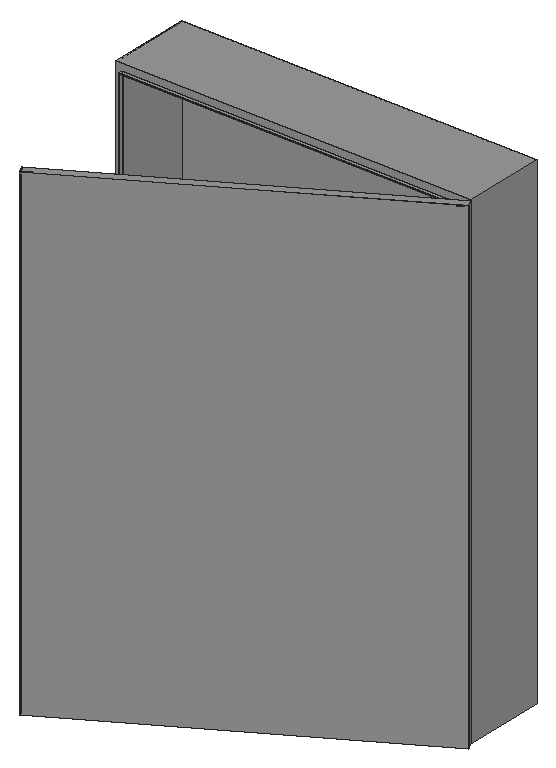
Revit family "Hager-Univers-IP44-D205-H1100-Cl.II-Encl-NoHosted-BE-en", category Equipement électrique, Revit 2020
Family settings
  Configuration du panneau = Deux colonnes, circuits au sein
  Cote de connecteur circulaire = Utiliser le diamètre
  Type d'élément = Tableau de raccordement
  Basée sur le plan de construction = Oui
  Toujours verticalement = Oui
  Couper avec des vides une fois chargée = Non
  Partagée = Non
  Point de calcul de pièce = Non
Parameters (values of type "Surface mounted (plaster) IP44 W800 H1100 D205  - FP73QS")
  Width Control [instance] = if([EF000008 - Width] > Min Width, [EF000008 - Width], Min Width)  # 800 mm
  Commentaires du type = [HG000003 - Range]  # "Univers"
  Thickness Door [instance] = if([EF009171 - Material plate thickness door/cover] > 3 mm, 3 mm, [EF009171 - Material plate thickness door/cover])  # 1 mm
  Seal Frame Offset [instance] = 17 mm  # constant formula
  Plinth Visibility [instance] = [HG000027 - Plinth height] > 0 mm  # no
  Min Width [instance] = 100 mm  # constant formula
  Min Depth [instance] = (2 * [EF009170 - Material plate thickness cabinet]) + 1 mm  # 3 mm
  Min Height [instance] = 100 mm  # constant formula
  Internal Frame Depth [instance] = (Door System Depth * 0.5)  # 9 mm
  Panel Name [instance] = ""  # (empty or 0)
  Model = ""
  HG000027 - Plinth height = 0 mm
  HG000026 - Floor standing = no
  HG000024 - Bottom section height = 600 mm
  HG000023 - Double section enclosure = no
  HG000016 - Door 3d visibility [instance] = yes
  HG000015 - Clearance visibility [instance] = no
  HG000014 - Door on the right [instance] = yes
  HG000013 - Door on the left [instance] = not([HG000014 - Door on the right])  # no
  HG000012 - Door swing angle [instance] = 30.00°
  HG000010 - Asymmetric doors = no
  HG000009 - Double swing door = no
  HG000006 - Flush mounted = no
  HG000004 - Manufacturer reference = "FP73QS"
  HG000003 - Range = "Univers"
  HG000002 - With door or cover = yes
  Frame Offset Bottom [instance] = 10 mm  # constant formula
  Frame Offset [instance] = 15 mm  # constant formula
  EF015940 - Cover with overpressure release = no
  EF011959 - Degree of protection (NEMA) = ""
  EF009554 - Number of openings for flange plates = 6
  EF009212 - Cover model = "EV000116 - Closed"
  EF009171 - Material plate thickness door/cover = 1 mm
  EF009170 - Material plate thickness cabinet = 1 mm
  EF008873 - Nominal current (In) = 250 A
  EF007800 - Suitable for lightning protection = no
  EF006306 - With lock = no
  EF006244 - Transparent cover/door = no
  EF005474 - Degree of protection (IP) = "EV006418 - IP44"
  EF004464 - Type of door = "EV002646 - Single"
  EF004427 - Number of modules = 252
  EF004293 - Impact strength = "EV006815 - IK09"
  EF003532 - Suitable for outdoor use = no
  EF002950 - Width in number of modular spacings = 36
  EF001613 - Circuit integrity = "EV000494 - None"
  EF001596 - Material housing = "EV000179 - Steel"
  EF001131 - Internal depth = 143 mm
  EF001088 - Extension possible = yes
  EF000437 - Number of conduit inlets = 6
  EF000339 - Type of cover = "EV001012 - Cover"
  EF000266 - Number of rows = 7
  EF000218 - Built-in depth = 0 mm
  EF000118 - With mounting plate = no
  EF000116 - RAL-number = "9010"
  EF000049 - Depth = 205 mm
  EF000040 - Height = 1100 mm
  EF000008 - Width = 800 mm
  EF000007 - Colour = "EV000202 - White"
  EF000003 - Mounting method = "EV000384 - Surface mounted (plaster)"
  Door System Leaf Tolerance [instance] = 1.5 mm  # constant formula
  Door System Depth [instance] = 18 mm  # constant formula
  Door Height [instance] = Height Control - [HG000027 - Plinth height]  # 1100 mm
  Description = ""
  Default Elevation = 1219.2 mm
  Connector Offset [instance] = Height Control / 2  # 550 mm
  Fabricant = "Hager"  # constant formula
  Height Control [instance] = if([EF000040 - Height] > Min Height, [EF000040 - Height], Min Height)  # 1100 mm
  Depth Control [instance] = if([EF000049 - Depth] > Min Depth, [EF000049 - Depth], Min Depth)  # 205 mm
  Bottom Top Plate Trim [instance] = 1.5 mm  # constant formula
  Plinth height Ctrl [instance] = if([HG000027 - Plinth height] > 0 mm, [HG000027 - Plinth height], 12 mm)  # 12 mm
Types (5, lengths in mm): name | Width Control | HG000009 - Double swing door | HG000004 - Manufacturer reference | EF009554 - Number of openings for flange plates | EF004464 - Type of door | EF004427 - Number of modules | EF002950 - Width in number of modular spacings | EF000437 - Number of conduit inlets | EF000008 - Width
  Surface mounted (plaster) IP44 W1050 H1100 D205  - FP74QS | 1050 | yes | "FP74QS" | 8 | "EV003602 - Double" | 336 | 48 | 8 | 1050
  Surface mounted (plaster) IP44 W1300 H1100 D205  - FP75QS | 1300 | yes | "FP75QS" | 10 | "EV003602 - Double" | 420 | 60 | 10 | 1300
  Surface mounted (plaster) IP44 W300 H1100 D205  - FP71QS | 300 | no | "FP71QS" | 2 | "EV002646 - Single" | 84 | 12 | 2 | 300
  Surface mounted (plaster) IP44 W550 H1100 D205  - FP72QS | 550 | no | "FP72QS" | 4 | "EV002646 - Single" | 168 | 24 | 4 | 550
  Surface mounted (plaster) IP44 W800 H1100 D205  - FP73QS | 800 | no | "FP73QS" | 6 | "EV002646 - Single" | 252 | 36 | 6 | 800
Reference planes
  plane 1 "Center (Front/Back)": y = 0
  plane 2: z = 0
  plane 3 "Center (Left/Right)": x = 0
  plane 4: y = 0
  plane 5: y = 0
  plane 6: z = 0
  plane 7: x = -400
  plane 8: x = 400
  plane 9: x = 399
  plane 10: x = -399
  plane 11: z = 0
  plane 12: z = 1
  plane 13: y = -205
  plane 14: y = -1
  plane 15: x = 0
  plane 16: y = -187
  plane 17: y = -204
  plane 18: y = -186
  plane 19: x = -384
  plane 20: x = 384
  plane 21: z = 11
  plane 22: x = -383
  plane 23: x = 383
  plane 24: z = 0
  plane 25: z = 1100
  plane 26: z = 1100
  plane 27: z = 1084
  plane 28: z = 1099
Forms (mm)
  Extrusion 1, solid, material "Hager_Steel_RAL7035_Light_Grey", detail levels medium+fine
    sketch origin (-208.679, -4572, 0) x (-1, 0, 0) y (0, -1, 0)
      loop
        line (191.321, -4385) -> (-608.679, -4385) -> (-608.679, -4572) -> (191.321, -4572) -> (191.321, -4385)
    from 0 to 1100
  Extrusion 2, void
    sketch origin (-350.771, -205, 1219.2) x (1, 0, 0) y (0, 0, 1)
      loop
        line (-48.229, -120.2) -> (-48.229, -1218.2) -> (749.771, -1218.2) -> (749.771, -120.2) -> (-48.229, -120.2)
    from -19 to -204
  Extrusion 3, void
    sketch origin (-290.084, -187, 1219.2) x (1, 0, 0) y (0, 0, 1)
      loop
        line (-93.916, -1208.2) -> (674.084, -1208.2) -> (674.084, -135.2) -> (-93.916, -135.2) -> (-93.916, -1208.2)
    from 0 to -1
  Extrusion 4, solid, material "Hager_Steel_RAL7035_Light_Grey", visible <- "Plinth Visibility", detail levels medium+fine
    sketch origin (0, 0, 0) x (1, 0, 0) y (0, 1, 0)
      loop
        line (-400, 0) -> (-400, -187) -> (400, -187) -> (400, 0) -> (-400, 0)
    from 0 to 12 <- "Plinth height Ctrl"
  Extrusion 5, solid, material "Hager_Steel_RAL7035_Light_Grey", detail levels coarse
    sketch origin (0, 0, 0) x (1, 0, 0) y (0, 1, 0)
      loop
        line (-400, 0) -> (-400, -205) -> (400, -205) -> (400, 0) -> (-400, 0)
    from 0 to 1100 <- "Height Control"
  Sweep 6, void
    path in 3D
      loop
        line (-400, -187, 12) -> (400, -187, 12) -> (400, 0, 12) -> (-400, 0, 12) -> (-400, -187, 12)
    profile origin (-400, -93.5, 12) x (1, 0, 0) y (0, 0, 1)
      loop
        line (0, 0) -> (0, -1.5) -> (1.5, -1.5)
        arc (1.5, -1.5) -> (1.061, -0.439) -> (0, 0) r 1.5
  Extrusion 7, solid, material "Hager_Steel_RAL7035_Light_Grey", detail levels fine
    sketch origin (-400, -187, 0) x (1, 0, 0) y (0, 0, 1)
      loop
        line (16, 11) -> (784, 11) -> (784, 1084) -> (16, 1084) -> (16, 11)
      loop
        line (15, 10) -> (785, 10) -> (785, 1085) -> (15, 1085) -> (15, 10)
    from 0 to 9 <- "Internal Frame Depth"
Cuts and joins
  Extrusion 2, Extrusion 3 cuts Extrusion 1
  Sweep 6 cuts Extrusion 4
Lines and regions (mm)
  Masking region 1
    outline origin (0, 0, 0) x (1, 0, 0) y (0, 1, 0)
      loop
        line (-400, 0) -> (-400, -205) -> (400, -205) -> (400, 0) -> (-400, 0)
  Masking region 2, detail levels coarse
    outline origin (-290.084, -187, 1219.2) x (-1, 0, 0) y (0, 0, 1)
      loop
        line (-690.084, -1219.2) -> (109.916, -1219.2) -> (109.916, -119.2) -> (-690.084, -119.2) -> (-690.084, -1219.2)
  Masking region 3, detail levels coarse
    outline origin (0, 0, 0) x (0, 1, 0) y (0, 0, 1)
      loop
        line (0, 0) -> (0, 1100) -> (-205, 1100) -> (-205, 0) -> (0, 0)
  Masking region 4, visible <- "Plinth Visibility", detail levels medium+fine
    outline origin (0, 0, 0) x (0, 1, 0) y (0, 0, 1)
      loop
        line (-1.5, 12) -> (-185.5, 12)
        arc (-185.5, 12) -> (-185.939, 10.939) -> (-187, 10.5) r 1.5
        line (-187, 10.5) -> (-187, 0) -> (0, 0) -> (0, 10.5)
        arc (0, 10.5) -> (-1.061, 10.939) -> (-1.5, 12) r 1.5
  Masking region 5, detail levels medium+fine
    outline origin (0, 0, 594.038) x (0, 1, 0) y (0, 0, 1)
      loop
        line (0, -594.038) -> (0, 505.962) -> (-187, 505.962) -> (-187, -594.038) -> (0, -594.038)
  Masking region 6, detail levels medium+fine
    outline origin (-359.7, -187, 1211.883) x (-1, 0, 0) y (0, 0, 1)
      loop
        line (-759.7, -1211.883) -> (40.3, -1211.883) -> (40.3, -111.883) -> (-759.7, -111.883) -> (-759.7, -1211.883)
  Masking region 7, visible <- "Plinth Visibility", detail levels medium+fine
    outline origin (-320.334, -187, 1041.368) x (-1, 0, 0) y (0, 0, 1)
      loop
        line (-720.334, -1041.368) -> (79.666, -1041.368) -> (79.666, -1030.868)
        arc (79.666, -1030.868) -> (78.606, -1030.429) -> (78.166, -1029.368) r 1.5
        line (78.166, -1029.368) -> (-718.834, -1029.368)
        arc (-718.834, -1029.368) -> (-719.273, -1030.429) -> (-720.334, -1030.868) r 1.5
        line (-720.334, -1030.868) -> (-720.334, -1041.368)
  sketch lines
    curve 1: line (-400, 0, 12) -> (-400, -187, 12)
    curve 2: line (-400, -187, 12) -> (400, -187, 12)
    curve 3: line (400, 0, 12) -> (-400, 0, 12)
    curve 4: line (400, -187, 12) -> (400, 0, 12)
Dimensions and locks
  locked: plane 1 "Center (Front/Back)" to plane 5
  "EF009170 - Material plate thickness cabinet": plane 7 to plane 10
  "EF009170 - Material plate thickness cabinet": plane 8 to plane 9
  equal spacing: plane 7, plane 3 "Center (Left/Right)", plane 8
  "Width Control": plane 7 to plane 8
  "Depth Control": plane 4 to plane 13
  "EF009170 - Material plate thickness cabinet": plane 4 to plane 14
  "Height Control": plane 25 to level
  "HG000027 - Plinth height": plane 11 to level
  "EF009170 - Material plate thickness cabinet": plane 12 to plane 11
  "EF009170 - Material plate thickness cabinet": plane 17 to plane 13
  "EF009170 - Material plate thickness cabinet": plane 18 to plane 16
  "Frame Offset Bottom": plane 21 to plane 12
  "Frame Offset": plane 10 to plane 19
  "Frame Offset": plane 9 to plane 20
  "Door System Depth": plane 16 to plane 13
  "Seal Frame Offset": plane 7 to plane 22
  "Seal Frame Offset": plane 8 to plane 23
  "EF009170 - Material plate thickness cabinet": plane 26 to plane 28
  "Frame Offset": plane 28 to plane 27
  "Connector Offset": plane 2 to connector elem
  "Bottom Top Plate Trim": profile plane to Sweep 6 sketch curve
  "Bottom Top Plate Trim": Sweep 6 sketch curve to Sweep 6 sketch curve
  "Plinth height Ctrl": Masking region 4 sketch curve to level
  "Plinth height Ctrl": Masking region 7 sketch curve to level
  "Thickness Door": Extrusion 7 sketch curve to Extrusion 7 sketch curve  (x4)
  "Bottom Top Plate Trim": radius of Sweep 6 sketch curve
  "Bottom Top Plate Trim": radius of Masking region 4 sketch curve  (x2)
  "Bottom Top Plate Trim": radius of Masking region 7 sketch curve  (x2)
  aligned and locked: Extrusion 2 sketch curve to plane 12
  aligned and locked: Extrusion 2 sketch curve to plane 9
  aligned and locked: Extrusion 2 sketch curve to plane 10
  aligned and locked: Extrusion 2 to plane 14
  aligned and locked: Extrusion 1 sketch curve to plane 4
  aligned and locked: plane 8 to Extrusion 1 sketch curve
  aligned and locked: plane 7 to Extrusion 1 sketch curve
  aligned and locked: Extrusion 2 to plane 18
  aligned and locked: Extrusion 3 sketch curve to plane 19
  aligned and locked: plane 20 to Extrusion 3 sketch curve
  aligned and locked: Extrusion 3 to Extrusion 2
  aligned and locked: Extrusion 3 sketch curve to plane 21
  aligned and locked: plane 3 "Center (Left/Right)" to nested 1
  aligned and locked: Extrusion 1 sketch curve to plane 16
  aligned and locked: Extrusion 4 sketch curve to cut or joined group of Extrusion 1, Extrusion 2, Extrusion 3
  aligned and locked: Masking region 1 sketch curve to plane 7
  aligned and locked: Masking region 1 sketch curve to plane 5
  aligned and locked: Masking region 1 sketch curve to plane 8
  aligned and locked: Masking region 2 sketch curve to level
  aligned and locked: level to Masking region 3 sketch curve
  aligned and locked: plane 1 "Center (Front/Back)" to Masking region 3 sketch curve
  aligned and locked: plane 13 to Masking region 3 sketch curve
  aligned and locked: plane 5 to Masking region 4 sketch curve
  aligned and locked: Masking region 2 sketch curve to plane 8
  aligned and locked: Masking region 2 sketch curve to plane 7
  aligned and locked: plane 7 to nested 2
  aligned and locked: nested 2 to plane 5
  aligned and locked: plane 5 to Masking region 5 sketch curve
  aligned and locked: plane 26 to Masking region 5 sketch curve
  aligned and locked: Extrusion 5 sketch curve to plane 8
  aligned and locked: Extrusion 5 sketch curve to plane 7
  aligned and locked: Extrusion 5 sketch curve to plane 5
  aligned and locked: Extrusion 3 sketch curve to plane 27
  aligned and locked: Extrusion 2 sketch curve to plane 28
  aligned and locked: Masking region 2 to plane 25
  aligned and locked: Extrusion 4 to plane 16
  aligned and locked: profile plane to Sweep 6 sketch curve
  aligned and locked: Masking region 5 sketch curve to plane 24
  aligned and locked: level to Masking region 4 sketch curve
  aligned and locked: Masking region 1 to plane 13
  aligned and locked: nested 1 to plane 16
  aligned and locked: Masking region 3 to plane 25
  aligned and locked: plane 16 to Masking region 4 sketch curve
  aligned and locked: Masking region 5 sketch curve to plane 16
  aligned and locked: plane 24 to plane 11
  aligned and locked: plane 26 to plane 25
  aligned and locked: plane 26 to cut or joined group of Extrusion 1, Extrusion 2, Extrusion 3
  aligned and locked: nested 1 to plane 24
  aligned and locked: Extrusion 1 to Extrusion 3
  aligned and locked: Masking region 6 sketch curve to plane 8
  aligned and locked: Masking region 6 sketch curve to plane 24
  aligned and locked: Masking region 6 sketch curve to plane 7
  aligned and locked: Masking region 6 sketch curve to plane 26
  aligned and locked: Masking region 7 sketch curve to plane 7
  aligned and locked: level to Masking region 7 sketch curve
  aligned and locked: Masking region 7 sketch curve to plane 8
  aligned and locked: Extrusion 7 sketch curve to cut or joined group of Extrusion 1, Extrusion 2, Extrusion 3  (x4)
Automatic sketch dimensions
  plane 19 to Extrusion 3 sketch curve = 0 mm
  Extrusion 3 sketch curve to plane 20 = 0 mm
  Extrusion 3 sketch curve to plane 21 = 0 mm
  Extrusion 4 sketch curve to plane 7 = 0 mm
  Extrusion 4 sketch curve to plane 8 = 0 mm
  Extrusion 4 sketch curve to plane 16 = 0 mm
  Masking region 1 sketch curve to plane 13 = 0 mm
  Masking region 2 sketch curve to plane 25 = 0 mm
  Masking region 3 sketch curve to plane 25 = 0 mm
  Extrusion 5 sketch curve to plane 13 = 0 mm
  profile plane to Sweep 6 sketch curve = 0 mm
Nested families
  nested 1: "EC000058_Univers_Door" at (0, -187, 0), Double <- "HG000009 - Double swing door", Transparent <- "EF006244 - Transparent cover/door", Angle <- "HG000012 - Door swing angle", Door_Right <- "HG000014 - Door on the right", Assymetrical <- "HG000010 - Asymmetric doors", Door <- "HG000002 - With door or cover", Width_Ctrl <- "Width Control", 3d_Door <- "HG000016 - Door 3d visibility", Clearance <- "HG000015 - Clearance visibility", Door_Left <- "HG000013 - Door on the left", Width <- "Width Control", Door_Depth <- "Door System Depth", Leaf_Tolerance <- "Door System Leaf Tolerance", Height <- "Door Height", Lock_Visibility <- "EF006306 - With lock", Thickness <- "Thickness Door", type "EC000058_Univers_Door", detail levels medium+fine
    with min_wh 3 mm, Width_Ctrl 800 mm, Width 800 mm, Transparent no, Thickness 1 mm, Seal_Material Hager_Rubber, Lock_Visibility no, Lock_Material Hager_Plastic_RAL9005_Jet_Black, Leaf_Width 800 mm, Leaf_Tolerance_External_Sides 0 mm, Leaf_Tolerance 1.5 mm, Leaf_Offset 0 mm, Leaf_Height 1097 mm, Leaf_2_Width 800 mm, Leaf_2_Offset 400 mm, Leaf_1_Width 800 mm, Leaf_1_Offset 400 mm, Height_Ctrl 1100 mm, Height 1100 mm, Glass_Material Hager_Glass, Double_Clearance_Ctrl no, Double no, Door_Right_Ctrl yes, Door_Right yes, Door_Material Hager_Steel_RAL7035_Light_Grey, Door_Left_Ctrl no, Door_Left no, Door_Depth 18 mm, Door yes, Clearance_Material Hager_Clearance, Clearance_Depth 800 mm, Clearance_Ctrl no, Clearance no, Assymetrical no, Angle 30.00°, 3d_Door yes
  nested 2: "Hager_Enclosure_Symbol" at (-400, 0, 0), Height <- "Depth Control", Width <- "Width Control", type "Hager_Enclosure_Symbol"
    with Width_Ctrl 800 mm, Width 800 mm, Height_Ctrl 205 mm, Height 205 mm, A_Width_Int 13.453 mm, A_Width 161.438 mm, A_Height_Ctrl 179.375 mm, A_Height 179.375 mm
Connectors
  electrical at (0, 0, 550)
    settings: on plane 1 "Center (Front/Back)", index 1, voltage 0 V, apparent load 0 VA, apparent load phase1 0 VA, apparent load phase2 0 VA, apparent load phase3 0 VA, power factor 1, load classification "Other", number of poles 1, system type 30, power factor state 1, is connector primary yes, connector utility no, sub classification motor no, connector description ""
Definition of nested family "EC000058_Univers_Door"
  Parameters (values of type "EC000058_Univers_Door")
    min_wh [instance] = (2 * Thickness) + 1 mm  # 11 mm
    Width_Ctrl [instance] = 400 mm
    Width [instance] = 500 mm
    Transparent [instance] = yes
    Thickness [instance] = 5 mm
    Seal_Material [instance] = none
    Lock_Visibility [instance] = yes
    Lock_Material [instance] = none
    Leaf_Width [instance] = if((Width_Ctrl - 2 * Leaf_Tolerance_External_Sides) > 0 mm, (Width_Ctrl - 2 * Leaf_Tolerance_External_Sides), min_wh)  # 400 mm
    Leaf_Tolerance_External_Sides [instance] = 0 mm  # constant formula
    Leaf_Tolerance [instance] = 1.5 mm
    Leaf_Offset [instance] = 0 mm  # constant formula
    Leaf_Height [instance] = if((Height_Ctrl - 2 * Leaf_Tolerance) > 0 mm, (Height_Ctrl - 2 * Leaf_Tolerance), min_wh)  # 497 mm
    Leaf_2_Width [instance] = if(and(and(Double, Assymetrical), Door_Left), (Leaf_Width / 3) - (Leaf_Tolerance / 2), if(and(and(Double, Assymetrical), Door_Right), (Leaf_Width / 3) * 2 - (Leaf_Tolerance / 2), if(and(Double, not(Assymetrical)), (Leaf_Width / 2) - Leaf_Tolerance, Leaf_Width)))  # 400 mm
    Leaf_2_Offset [instance] = if(and(Double, Assymetrical), Leaf_2_Width / 2, if(and(Double, not(Assymetrical)), Leaf_Width / 4, Leaf_Width / 2))  # 200 mm
    Leaf_1_Width [instance] = if(and(and(Double, Assymetrical), Door_Right), (Leaf_Width / 3) - (Leaf_Tolerance / 2), if(and(and(Double, Assymetrical), Door_Left), (Width / 3) * 2 - (Leaf_Tolerance / 2), if(and(Double, not(Assymetrical)), (Leaf_Width / 2) - Leaf_Tolerance, Leaf_Width)))  # 400 mm
    Leaf_1_Offset [instance] = if(and(Double, Assymetrical), Leaf_1_Width / 2, if(and(Double, not(Assymetrical)), Leaf_Width / 4, Leaf_Width / 2))  # 200 mm
    Height_Ctrl [instance] = if(Height > min_wh, Height, min_wh)  # 500 mm
    Height [instance] = 500 mm
    Glass_Material [instance] = none
    Double_Clearance_Ctrl [instance] = and(Double, Clearance)  # no
    Double [instance] = no
    Door_Right_Ctrl [instance] = and(or(Door_Right, Double), Door)  # yes
    Door_Right [instance] = yes
    Door_Material [instance] = none
    Door_Left_Ctrl [instance] = and(or(Door_Left, Double), Door)  # no
    Door_Left [instance] = no
    Door_Depth [instance] = 30 mm
    Door [instance] = yes
    Default Elevation = 1219.2 mm
    Clearance_Material [instance] = none
    Clearance_Depth [instance] = if(Leaf_1_Width > Leaf_2_Width, Leaf_1_Width, Leaf_2_Width)  # 400 mm
    Clearance_Ctrl [instance] = and(not(Double), Clearance)  # yes
    Clearance [instance] = yes
    Assymetrical [instance] = yes
    Angle [instance] = 30.00°
    3d_Door [instance] = yes
  Reference planes
    plane 1 "Center (Front/Back)": y = 0
    plane 2 "Bottom": z = 0
    plane 3 "Center (Left/Right)": x = 0
    plane 4: z = 500
    plane 5: x = -200
    plane 6: x = 200
    plane 7: z = 500
    plane 8: x = -200
    plane 9: z = 0
    plane 10: x = 200
    plane 11: y = 0
    plane 12: z = 1.5
    plane 13: x = -600
    plane 14: y = -400
    plane 15: x = 600
    plane 16: x = 0
    plane 17: x = 0
    plane 18: x = -200
    plane 19: x = 200
    plane 20: z = 498.5
  Forms (mm)
    Extrusion 1, solid, material <- "Clearance_Material", visible <- "Double_Clearance_Ctrl"
      sketch origin (1200, 0, 0) x (1, 0, 0) y (0, 0, -1)
        loop
          line (-1800, -498.5) -> (-600, -498.5) -> (-600, 0) -> (-1800, 0) -> (-1800, -498.5)
      from 0 to -400
  Dimensions and locks
    equal spacing: plane 5, plane 3 "Center (Left/Right)", plane 6
    "Width_Ctrl": plane 5 to plane 6
    "Leaf_Offset": plane 5 to plane 8
    "Leaf_Offset": plane 6 to plane 10
    "Leaf_Offset": plane 9 to level
    "Leaf_Offset": plane 4 to plane 7
    "Height_Ctrl": plane 4 to level
    "Leaf_Tolerance": plane 12 to plane 9
    locked: plane 11 to plane 1 "Center (Front/Back)"
    "Leaf_1_Offset": plane 18 to plane 16
    "Leaf_2_Offset": plane 17 to plane 19
    "Leaf_1_Width": plane 13 to plane 8
    "Leaf_2_Width": plane 10 to plane 15
    "Clearance_Depth": plane 14 to plane 1 "Center (Front/Back)"
    "Leaf_Tolerance_External_Sides": plane 8 to plane 18
    "Leaf_Tolerance_External_Sides": plane 19 to plane 10
    "Leaf_Tolerance": plane 7 to plane 20
    aligned and locked: level to plane 2 "Bottom"
    aligned and locked: nested 1 to plane 16
    aligned and locked: nested 2 to plane 17
    aligned and locked: Extrusion 1 to plane 13
    aligned and locked: plane 15 to Extrusion 1
    aligned and locked: Extrusion 1 to plane 14
    aligned and locked: plane 12 to nested 1
    aligned and locked: nested 2 to plane 12
    aligned and locked: Extrusion 1 to plane 11
    aligned and locked: plane 20 to Extrusion 1
    aligned and locked: nested 2 to plane 11
    aligned and locked: nested 1 to plane 11
  Automatic sketch dimensions
    Extrusion 1 sketch curve to level = 0 mm
    plane 5 to Extrusion 1 sketch curve = 400 mm
    plane 6 to Extrusion 1 sketch curve = 400 mm
    Extrusion 1 sketch curve to plane 4 = 1.5 mm
  Nested families
    nested 1: "EC000058_Univers_Door_Leaf" at (0, 0, 1.5), Width <- "Leaf_1_Width", visible <- "Door_Left_Ctrl", Leaf_Height <- "Leaf_Height", Angle <- "Angle", 3d_Door <- "3d_Door", Transparent <- "Transparent", Clearance Material <- "Clearance_Material", Clearance <- "Clearance_Ctrl", Door_Material <- "Door_Material", Glass_Material <- "Glass_Material", Door_Depth <- "Door_Depth", Lock_Material <- "Lock_Material", Seal_Material <- "Seal_Material", Lock_Visibility <- "Lock_Visibility", Thickness <- "Thickness", type "EC000058_Univers_Door_Leaf"
      with Width 400 mm, Transparent_Glass_Offset 30 mm, Transparent_Ctrl yes, Transparent yes, Thickness 5 mm, Standard no, Seal_Material none, Seal_D2 8 mm, Seal_D1 1 mm, Offset_Internal_Frame 10 mm, Lock_Width 20 mm, Lock_Visibility_3d yes, Lock_Visibility yes, Lock_Thickness_3 3 mm, Lock_Thickness_2 1 mm, Lock_Thickness_1 3 mm, Lock_Radius_Offset_2 16 mm, Lock_Radius_Offset_1 15 mm, Lock_Radius_2 5 mm, Lock_Radius 6 mm, Lock_Offset 5 mm, Lock_Material none, Lock_Height 80 mm, Lock_Cover_Top_Offset_2d 17 mm, Lock_Cover_Height -65 mm, Leaf_Height 497 mm, Internal_Seal_Thickness 8 mm, Internal_Seal_Depth_2 4.5 mm, Internal_Frame_Depth 25 mm, Glass_Thickness -1 mm, Glass_Offset -2 mm, Glass_Material none, Door_Material none, Door_Depth 30 mm, Clearance Material none, Clearance yes, Angle_Ctrl 30.00°, Angle 30.00°, 3d_Door yes
    nested 2: "EC000058_Univers_Door_Leaf" at (0, 0, 1.5) x (-1, 0, 0) z (0, 0, 1), Width <- "Leaf_2_Width", visible <- "Door_Right_Ctrl", Leaf_Height <- "Leaf_Height", Angle <- "Angle", 3d_Door <- "3d_Door", Transparent <- "Transparent", Clearance Material <- "Clearance_Material", Clearance <- "Clearance_Ctrl", Door_Material <- "Door_Material", Glass_Material <- "Glass_Material", Door_Depth <- "Door_Depth", Lock_Material <- "Lock_Material", Seal_Material <- "Seal_Material", Lock_Visibility <- "Lock_Visibility", Thickness <- "Thickness", type "EC000058_Univers_Door_Leaf"
      with Width 400 mm, Transparent_Glass_Offset 30 mm, Transparent_Ctrl yes, Transparent yes, Thickness 5 mm, Standard no, Seal_Material none, Seal_D2 8 mm, Seal_D1 1 mm, Offset_Internal_Frame 10 mm, Lock_Width 20 mm, Lock_Visibility_3d yes, Lock_Visibility yes, Lock_Thickness_3 3 mm, Lock_Thickness_2 1 mm, Lock_Thickness_1 3 mm, Lock_Radius_Offset_2 16 mm, Lock_Radius_Offset_1 15 mm, Lock_Radius_2 5 mm, Lock_Radius 6 mm, Lock_Offset 5 mm, Lock_Material none, Lock_Height 80 mm, Lock_Cover_Top_Offset_2d 17 mm, Lock_Cover_Height -65 mm, Leaf_Height 497 mm, Internal_Seal_Thickness 8 mm, Internal_Seal_Depth_2 4.5 mm, Internal_Frame_Depth 25 mm, Glass_Thickness -1 mm, Glass_Offset -2 mm, Glass_Material none, Door_Material none, Door_Depth 30 mm, Clearance Material none, Clearance yes, Angle_Ctrl 30.00°, Angle 30.00°, 3d_Door yes
  Definition of nested family "EC000058_Univers_Door_Leaf"
    Parameters (values of type "EC000058_Univers_Door_Leaf")
      Width [instance] = 2000 mm
      Transparent_Glass_Offset [instance] = 30 mm
      Transparent_Ctrl [instance] = and(Transparent, [3d_Door])  # yes
      Transparent [instance] = yes
      Thickness [instance] = 5 mm
      Standard [instance] = and(not(Transparent), [3d_Door])  # no
      Seal_Material [instance] = none
      Seal_D2 [instance] = 8 mm  # constant formula
      Seal_D1 [instance] = 1 mm  # constant formula
      Offset_Internal_Frame [instance] = 10 mm  # constant formula
      Lock_Width [instance] = 20 mm  # constant formula
      Lock_Visibility_3d [instance] = and(Lock_Visibility, [3d_Door])  # yes
      Lock_Visibility [instance] = yes
      Lock_Thickness_3 [instance] = 3 mm  # constant formula
      Lock_Thickness_2 [instance] = 1 mm  # constant formula
      Lock_Thickness_1 [instance] = 3 mm  # constant formula
      Lock_Radius_Offset_2 [instance] = Lock_Radius_Offset_1 + 1 mm  # 16 mm
      Lock_Radius_Offset_1 [instance] = 15 mm  # constant formula
      Lock_Radius_2 [instance] = Lock_Radius - 1 mm  # 5 mm
      Lock_Radius [instance] = 6 mm  # constant formula
      Lock_Offset [instance] = 5 mm  # constant formula
      Lock_Material [instance] = none
      Lock_Height [instance] = 80 mm  # constant formula
      Lock_Cover_Top_Offset_2d [instance] = Lock_Radius_Offset_2 + 1 mm  # 17 mm
      Lock_Cover_Height [instance] = -(Lock_Height - Lock_Radius_Offset_1)  # -65 mm
      Leaf_Height [instance] = 2720.336 mm
      Internal_Seal_Thickness [instance] = 8 mm  # constant formula
      Internal_Seal_Depth_2 [instance] = 4.5 mm  # constant formula
      Internal_Frame_Depth [instance] = if(Door_Depth - Thickness > 5 mm, Door_Depth - Thickness, 5 mm)  # 25 mm
      Glass_Thickness [instance] = if(Thickness > 15 mm, Glass_Offset + 10 mm, -1 mm)  # -1 mm
      Glass_Offset [instance] = if(Thickness > 15 mm, -(Thickness + 10 mm) / 2, -2 mm)  # -2 mm
      Glass_Material [instance] = none
      Door_Material [instance] = none
      Door_Depth [instance] = 30 mm
      Default Elevation = 0 mm
      Clearance Material [instance] = none
      Clearance [instance] = yes
      Angle_Ctrl [instance] = if(Angle > 180.00°, 180.00°, Angle)  # 90.00°
      Angle [instance] = 90.00°
      3d_Door [instance] = yes
    Reference planes
      plane 1 "Center (Front/Back)": y = 0
      plane 2: z = 0
      plane 3 "Center (Left/Right)": x = 0
      plane 4: y = 2000
      plane 5: x = -1000
      plane 6: x = 1000
      plane 7: x = -3000
      plane 8: z = 2720.336
      plane 9: z = 30
      plane 10: z = 2690.336
      plane 11: x = 970
      plane 12: x = -970
      plane 13: y = -3
      plane 14: z = 107.833
      plane 15: y = -5
      plane 16: y = -223.314
      plane 17: x = -1000
      plane 18: z = 1360.168
      plane 19: y = 30
    Forms (mm)
      Extrusion 1, solid, material <- "Clearance Material", visible <- "Clearance"
        sketch origin (0, 0, 0) x (1, 0, 0) y (0, 0, 1)
          loop
            line (-3000, 2720.336) -> (-3000, 0) -> (1000, 0) -> (1000, 2720.336) -> (-3000, 2720.336)
        from 0 to -2000
      Extrusion 2, solid, material <- "Door_Material", visible <- "Standard", detail levels medium+fine
        sketch origin (-1000, 0, 0) x (0, 1, 0) y (-1, 0, 0)
          loop
            line (0, 30) -> (0, 25) -> (2000, 25) -> (2000, 30) -> (0, 30)
        from 0 to 2720.336 <- "Leaf_Height"
      Extrusion 3, solid, material <- "Door_Material", visible <- "Transparent_Ctrl", detail levels medium+fine
        sketch origin (-1000, 0, 0) x (0, 1, 0) y (-1, 0, 0)
          loop
            line (0, 25) -> (2000, 25) -> (2000, 30) -> (0, 30) -> (0, 25)
        from 0 to 2720.336 <- "Leaf_Height"
      Extrusion 4, void
        sketch origin (-1025, 2000, 0) x (0, 1, 0) y (0, 0, -1)
          loop
            line (-30, -2690.336) -> (-30, -30) -> (-1970, -30) -> (-1970, -2690.336) -> (-30, -2690.336)
        from 0 to 5 <- "Thickness"
      Sweep 5, solid, material <- "Seal_Material", visible <- "Transparent_Ctrl", detail levels fine
        path in 3D
          loop
            line (-1025, 30, 30) -> (-1025, 30, 2690.336) -> (-1025, 1970, 2690.336) -> (-1025, 1970, 30) -> (-1025, 30, 30)
        profile origin (-1025, 1000, 30) x (1, 0, 0) y (0, 0, 1)
          loop
            line (0, 0) -> (0, -8) -> (1, -8) -> (1, 0) -> (0, 0)
      Extrusion 6, solid, material <- "Glass_Material", visible <- "Transparent_Ctrl", detail levels medium+fine
        sketch origin (-1030, 0, 0) x (0, 1, 0) y (0, 0, -1)
          loop
            line (1970, -2690.336) -> (1970, -30) -> (30, -30) -> (30, -2690.336) -> (1970, -2690.336)
        from -2 <- "Glass_Offset" to -1 <- "Glass_Thickness"
      Extrusion 7, solid, material <- "Door_Material", visible <- "3d_Door", detail levels medium+fine
        sketch origin (-1025, 2000, 0) x (0, -1, 0) y (0, 0, -1)
          loop
            line (0, -2720.336) -> (2000, -2720.336) -> (2000, 0) -> (0, 0) -> (0, -2720.336)
          loop
            line (1995, -5) -> (5, -5) -> (5, -2715.336) -> (1995, -2715.336) -> (1995, -5)
        from 0 to 25 <- "Internal_Frame_Depth"
      Sweep 8, solid, material <- "Seal_Material", visible <- "Transparent_Ctrl", detail levels fine
        path in 3D
          loop
            line (-1025, 0, 0) -> (-1025, 2000, 0) -> (-1025, 2000, 2720.336) -> (-1025, 0, 2720.336) -> (-1025, 0, 0)
        profile origin (-1025, 0, 1360.168) x (1, 0, 0) y (0, 1, 0)
          loop
            line (0, 10) -> (2.975, 10)
            arc (2.975, 10) -> (4.053, 10.447) -> (4.5, 11.525) r 1.525
            line (4.5, 11.525) -> (4.5, 16.527)
            arc (4.5, 16.527) -> (4.069, 17.569) -> (3.027, 18) r 1.473
            line (3.027, 18) -> (0, 18) -> (0, 10)
      Extrusion 9, solid, material <- "Lock_Material", visible <- "Lock_Visibility_3d", detail levels fine
        sketch origin (-1030, 0, 0) x (0, 1, 0) y (0, 0, -1)
          loop
            arc (1993.5, -1400.168) -> (1994.561, -1399.729) -> (1995, -1398.668) r 1.5
            line (1995, -1398.668) -> (1995, -1320.168) -> (1975, -1320.168) -> (1975, -1398.668)
            arc (1975, -1398.668) -> (1975.439, -1399.729) -> (1976.5, -1400.168) r 1.5
            line (1976.5, -1400.168) -> (1993.5, -1400.168)
        from 3 <- "Lock_Thickness_1" to 0
      Blend 10, solid, material <- "Lock_Material", visible <- "Lock_Visibility_3d", detail levels fine
        base sketch origin (-1033, 0, 0) x (0, 1, 0) y (0, 0, -1)
          loop
            line (1975, -1320.168) -> (1975, -1398.668)
            arc (1975, -1398.668) -> (1975.439, -1399.729) -> (1976.5, -1400.168) r 1.5
            line (1976.5, -1400.168) -> (1993.5, -1400.168)
            arc (1993.5, -1400.168) -> (1994.561, -1399.729) -> (1995, -1398.668) r 1.5
            line (1995, -1398.668) -> (1995, -1320.168) -> (1975, -1320.168)
        top sketch origin (-1033, 0, 0) x (0, 1, 0) y (0, 0, -1)
          loop
            line (1976, -1320.168) -> (1976, -1398.668)
            arc (1976, -1398.668) -> (1976.146, -1399.022) -> (1976.5, -1399.168) r 0.5
            line (1976.5, -1399.168) -> (1993.5, -1399.168)
            arc (1993.5, -1399.168) -> (1993.854, -1399.022) -> (1994, -1398.668) r 0.5
            line (1994, -1398.668) -> (1994, -1320.168) -> (1976, -1320.168)
        from 0 to 1 <- "Lock_Thickness_2"
      Blend 11, solid, material <- "Lock_Material", visible <- "Lock_Visibility_3d", detail levels fine
        base sketch origin (-1034, 0, 0) x (0, 1, 0) y (0, 0, -1)
          loop
            line (1978, -1320.168) -> (1978, -1384.168)
            arc (1978, -1384.168) -> (1985, -1391.168) -> (1992, -1384.168) r 7
            line (1992, -1384.168) -> (1992, -1320.168) -> (1978, -1320.168)
        top sketch origin (-1034, 0, 0) x (0, 1, 0) y (0, 0, -1)
          loop
            line (1991, -1320.168) -> (1979, -1320.168) -> (1979, -1383.168)
            arc (1979, -1383.168) -> (1985, -1389.168) -> (1991, -1383.168) r 6
            line (1991, -1383.168) -> (1991, -1320.168)
        from 0 to 3 <- "Lock_Thickness_3"
      Extrusion 12, solid, material <- "Lock_Material", visible <- "Lock_Visibility_3d", detail levels fine
        sketch origin (-1030, 1975, 1320.168) x (1, 0, 0) y (0, -1, 0)
          loop
            line (-7, -19) -> (-7, -1) -> (0, -1) -> (0, 0) -> (-8, 0) -> (-8, -20) -> (0, -20) -> (0, -19) -> (-7, -19)
        from 0 to -65 <- "Lock_Cover_Height"
      Extrusion 13, void
        sketch origin (-1038, 1995, 1320.168) x (-1, 0, 0) y (0, 0, -1)
          loop
            line (-5, -65) -> (0, -65) -> (-5, -60) -> (-5, -65)
        from 0 to 20 <- "Lock_Width"
      Extrusion 14, void
        sketch origin (-1038, 1975, 1320.168) x (0, -1, 0) y (0, 0, -1)
          loop
            circle (-10, -15.995) r 6
          loop
            circle (-10, -15.995) r 5
        from 0 to 2
      Extrusion 15, solid, material <- "Lock_Material", visible <- "Lock_Visibility_3d", detail levels medium
        sketch origin (-1030, 0, 0) x (0, 1, 0) y (0, 0, -1)
          loop
            arc (1993.5, -1400.168) -> (1994.561, -1399.729) -> (1995, -1398.668) r 1.5
            line (1995, -1398.668) -> (1995, -1320.168) -> (1975, -1320.168) -> (1975, -1398.668)
            arc (1975, -1398.668) -> (1975.439, -1399.729) -> (1976.5, -1400.168) r 1.5
            line (1976.5, -1400.168) -> (1993.5, -1400.168)
        from 8 to 0
    Cuts and joins
      Extrusion 4 cuts Extrusion 3
      Extrusion 13, Extrusion 14 cuts Extrusion 9
      Extrusion 14 cuts Blend 11
      Extrusion 13, Extrusion 14 cuts Extrusion 12
      joined: Extrusion 9, Blend 10, Blend 11, Extrusion 12
      Extrusion 14 cuts Extrusion 15
    Lines and regions (mm)
      Masking region 1, visible <- "Lock_Visibility", detail levels fine
        outline origin (0, 0, 0) x (0, 1, 0) y (0, 0, 1)
          loop
            line (30, 1320.168) -> (33, 1320.168) -> (33, 1400.168) -> (30, 1400.168) -> (30, 1320.168)
      Masking region 2, visible <- "Lock_Visibility", detail levels fine
        outline origin (0, 3.143, 0) x (0, 1, 0) y (0, 0, 1)
          loop
            line (29.857, 1354.168) -> (30.857, 1354.168) -> (30.857, 1366.168) -> (29.857, 1366.168) -> (29.857, 1354.168)
      Masking region 3, detail levels medium+fine
        outline origin (0, 0, 0) x (0, 1, 0) y (0, 0, 1)
          loop
            line (0, 0) -> (30, 0) -> (30, 2720.336) -> (0, 2720.336) -> (0, 0)
      Masking region 4, detail levels medium+fine
        outline origin (0, 0, 0) x (1, 0, 0) y (0, 0, 1)
          loop
            line (-1000, 2720.336) -> (-1000, 0) -> (1000, 0) -> (1000, 2720.336) -> (-1000, 2720.336)
      Masking region 5, visible <- "Lock_Visibility", detail levels fine
        outline origin (-47.116, 0, 0) x (1, 0, 0) y (0, 0, 1)
          loop
            arc (1024.616, 1399.168) -> (1023.556, 1398.729) -> (1023.116, 1397.668) r 1.5
            line (1023.116, 1397.668) -> (1023.116, 1320.168) -> (1041.116, 1320.168) -> (1041.116, 1397.668)
            arc (1041.116, 1397.668) -> (1040.677, 1398.729) -> (1039.616, 1399.168) r 1.5
            line (1039.616, 1399.168) -> (1024.616, 1399.168)
      Masking region 6, visible <- "Lock_Visibility", detail levels medium+fine
        outline origin (-25, 0, 0) x (1, 0, 0) y (0, 0, 1)
          loop
            arc (1001.5, 1400.168) -> (1000.439, 1399.729) -> (1000, 1398.668) r 1.5
            line (1000, 1398.668) -> (1000, 1320.168) -> (1020, 1320.168) -> (1020, 1398.668)
            arc (1020, 1398.668) -> (1019.561, 1399.729) -> (1018.5, 1400.168) r 1.5
            line (1018.5, 1400.168) -> (1001.5, 1400.168)
      Masking region 7, visible <- "Lock_Visibility", detail levels fine
        outline origin (-73.735, 0, 0) x (1, 0, 0) y (0, 0, 1)
          loop
            line (1051.735, 1382.168) -> (1065.735, 1382.168) -> (1065.735, 1384.168)
            arc (1065.735, 1384.168) -> (1058.735, 1391.168) -> (1051.735, 1384.168) r 7
            line (1051.735, 1384.168) -> (1051.735, 1382.168)
      Masking region 8, visible <- "Lock_Visibility", detail levels fine
        outline origin (-73.735, 0, 0) x (1, 0, 0) y (0, 0, 1)
          loop
            line (1052.735, 1382.168) -> (1064.735, 1382.168) -> (1064.735, 1383.168)
            arc (1064.735, 1383.168) -> (1058.735, 1389.168) -> (1052.735, 1383.168) r 6
            line (1052.735, 1383.168) -> (1052.735, 1382.168)
      Masking region 9, visible <- "Lock_Visibility", detail levels fine
        outline origin (-25, 0, 0) x (1, 0, 0) y (0, 0, 1)
          loop
            line (1020, 1320.168) -> (1020, 1382.168) -> (1000, 1382.168) -> (1000, 1320.168) -> (1020, 1320.168)
      Masking region 10, detail levels medium+fine
        outline origin (0, 0, 0) x (1, 0, 0) y (0, 0, 1)
          loop
            circle (985, 1335.144) r 6
      Masking region 11, detail levels fine
        outline origin (0, 0, 0) x (1, 0, 0) y (0, 0, 1)
          loop
            circle (985, 1335.144) r 5
      Masking region 12, visible <- "Lock_Visibility", detail levels fine
        outline origin (0, 12.767, 0) x (0, 1, 0) y (0, 0, 1)
          loop
            line (20.233, 1320.168) -> (21.233, 1320.168) -> (21.233, 1399.168) -> (20.233, 1400.168) -> (20.233, 1320.168)
      Masking region 13, visible <- "Lock_Visibility", detail levels fine
        outline origin (0, 13.767, -10) x (0, 1, 0) y (0, 0, 1)
          loop
            line (20.233, 1330.168) -> (23.233, 1330.168) -> (23.233, 1399.168) -> (20.233, 1402.168) -> (20.233, 1330.168)
      Masking region 14, visible <- "Lock_Visibility", detail levels fine
        outline origin (0, 12.767, -10) x (0, 1, 0) y (0, 0, 1)
          loop
            line (20.233, 1330.168) -> (25.233, 1330.168) -> (25.233, 1399.305) -> (20.233, 1394.305) -> (20.233, 1330.168)
      Masking region 15, visible <- "Lock_Visibility", detail levels medium
        outline origin (0, 0, 0) x (0, 1, 0) y (0, 0, 1)
          loop
            line (30, 1320.168) -> (38, 1320.168) -> (38, 1400.168) -> (30, 1400.168) -> (30, 1320.168)
      Masking region 16, visible <- "Lock_Visibility", detail levels fine
        outline origin (-1000, 0, 0) x (0, 1, 0) y (-1, 0, 0)
          loop
            line (1975, 30) -> (1995, 30) -> (1995, 38) -> (1975, 38) -> (1975, 30)
          loop
            line (1979, 37) -> (1976, 37) -> (1976, 34) -> (1978, 34) -> (1979, 37)
          loop
            line (1994, 37) -> (1991, 37) -> (1992, 34) -> (1994, 34) -> (1994, 37)
      Masking region 17, visible <- "Lock_Visibility", detail levels medium
        outline origin (-1000, 0, 0) x (0, 1, 0) y (-1, 0, 0)
          loop
            line (1975, 30) -> (1995, 30) -> (1995, 38) -> (1975, 38) -> (1975, 30)
      symbolic lines
        curve 1: line (1000, 0, 0) -> (-3000, 0, 0)
        curve 2: arc (1000, 0, 0) -> (-1000, 2000, 0) -> (-3000, 0, 0) r 2000
        curve 4: line (-1030, 0, 0) -> (-1030, 2000, 0)
      reference lines
        curve 3: line (-1000, 0, 0) -> (-1000, 2000, 0)
      symbolic lines, detail levels medium+fine
        curve 5: line (-1030, 2000, 0) -> (-1025, 2000, 0)
        curve 7: line (-1025, 0, 0) -> (-1030, 0, 0)
        curve 8: line (-1025, 0, 0) -> (-1000, 0, 0)
        curve 9: line (-1000, 0, 0) -> (-1000, 2000, 0)
        curve 10: line (-1000, 2000, 0) -> (-1025, 2000, 0)
      symbolic lines, detail levels fine
        curve 6: line (-1025, 2000, 0) -> (-1025, 0, 0)
      sketch lines
        curve 11: line (-1025, 0, 2720.336) -> (-1025, 0, 0)
        curve 12: line (-1025, 2000, 0) -> (-1025, 0, 0)
        curve 13: line (-1025, 2000, 2720.336) -> (-1025, 2000, 0)
        curve 14: line (-1025, 0, 2720.336) -> (-1025, 2000, 2720.336)
        curve 15: line (-1025, 1970, 30) -> (-1025, 30, 30)
        curve 16: line (-1025, 30, 30) -> (-1025, 30, 2690.336)
        curve 17: line (-1025, 1970, 2690.336) -> (-1025, 1970, 30)
        curve 18: line (-1025, 30, 2690.336) -> (-1025, 1970, 2690.336)
      symbolic lines, visible <- "Transparent", detail levels medium+fine
        curve 19: line (-970, 0, 2690.336) -> (970, 0, 2690.336)
        curve 20: line (-970, 0, 30) -> (-970, 0, 2690.336)
        curve 21: line (970, 0, 30) -> (-970, 0, 30)
        curve 22: line (970, 0, 2690.336) -> (970, 0, 30)
    Dimensions and locks
      "Width": plane 1 "Center (Front/Back)" to plane 4
      equal spacing: plane 5, plane 3 "Center (Left/Right)", plane 6
      "Width": plane 5 to plane 6
      "Width": plane 7 to plane 5
      "Leaf_Height": plane 8 to level
      "Width": curve 5 to curve 3
      "Width": curve 3 to curve 3
      plane 8 to plane 10 = 30 mm
      plane 9 to level = 30 mm
      plane 12 to plane 5 = 30 mm
      plane 6 to plane 11 = 30 mm
      Extrusion 1 to Extrusion 4 sketch curve = 30 mm
      "Transparent_Glass_Offset": curve 3 to Extrusion 4 sketch curve
      "Transparent_Glass_Offset": Extrusion 4 sketch curve to cut or joined group of Extrusion 3, Extrusion 4  (x2)
      cut or joined group of Extrusion 3, Extrusion 4 to Extrusion 6 sketch curve = 30 mm
      "Transparent_Glass_Offset": cut or joined group of Extrusion 3, Extrusion 4 to Extrusion 4 sketch curve
      "Thickness": curve 6 to curve 4
      "Thickness": Extrusion 7 sketch curve to Extrusion 7 sketch curve  (x4)
      "Door_Depth": curve 4 to curve 3
      "Offset_Internal_Frame": profile plane to Sweep 8 sketch curve
      "Internal_Seal_Thickness": Sweep 8 sketch curve to Sweep 8 sketch curve
      "Internal_Seal_Depth_2": profile plane to Sweep 8 sketch curve
      "Seal_D1": profile plane to Sweep 5 sketch curve
      "Seal_D2": profile plane to Sweep 5 sketch curve
      "Thickness": Extrusion 2 sketch curve to Extrusion 2 sketch curve
      equal spacing: Extrusion 9 sketch curve, plane 18, Extrusion 9 sketch curve  (x2)
      equal spacing: Masking region 1 sketch curve, plane 18, Masking region 1 sketch curve
      "Lock_Height": Masking region 1 sketch curve to Masking region 1 sketch curve
      "Lock_Radius": Masking region 2 sketch curve to plane 18 to Masking region 2 sketch curve
      Masking region 2 sketch curve to Masking region 1 = 1 mm
      "Door_Depth": plane 19 to plane 1 "Center (Front/Back)"
      "Lock_Thickness_1": Masking region 1 sketch curve to plane 19
      "Lock_Width": Extrusion 9 sketch curve to Extrusion 9 sketch curve
      "Lock_Height": Extrusion 9 sketch curve to Extrusion 9 sketch curve
      "Lock_Offset": cut or joined group of Extrusion 3, Extrusion 4 to Extrusion 9 sketch curve
      equal spacing: plane 8, plane 18, level
      "Lock_Radius_Offset_1": Blend 11 sketch curve to Blend 10
      locked: Blend 10 to Blend 11 sketch curve at 2  (x2)
      locked: var sketch to Blend 11 sketch curve at 1  (x2)
      "Lock_Radius_Offset_2": Blend 11 sketch curve to Blend 10
      locked: Extrusion 12 sketch curve to Extrusion 12 sketch curve at 1  (x3)
      Masking region 6 sketch curve to Masking region 6 sketch curve = 80 mm
      "Lock_Height": Masking region 6 sketch curve to Masking region 6 sketch curve
      "Lock_Width": Masking region 6 sketch curve to Masking region 6 sketch curve
      locked: Masking region 6 to Masking region 5 sketch curve at 1  (x3)
      locked: Masking region 5 to Masking region 7 sketch curve at 2  (x2)
      "Lock_Radius_Offset_1": Masking region 5 to Masking region 7 sketch curve
      "Lock_Radius_Offset_2": Masking region 5 to Masking region 8 sketch curve
      locked: Masking region 7 to Masking region 8 sketch curve at 1  (x2)
      "Lock_Cover_Top_Offset_2d": Masking region 5 to Masking region 9 sketch curve
      equal spacing: Masking region 9, Masking region 10 sketch curve, Masking region 9
      equal spacing: Masking region 9, Masking region 11 sketch curve, Masking region 9
      Extrusion 15 sketch curve to Extrusion 15 sketch curve = 80 mm
      "Lock_Width": Extrusion 15 sketch curve to Extrusion 15 sketch curve
      "Lock_Height": Extrusion 15 sketch curve to Extrusion 15 sketch curve
      equal spacing: Extrusion 15 sketch curve, plane 18, Extrusion 15 sketch curve
      "Lock_Thickness_3": Masking region 13 sketch curve to Masking region 13 sketch curve
      "Lock_Height": Masking region 12 sketch curve to Masking region 12 sketch curve
      locked: Masking region 13 sketch curve to Masking region 1 at 8
      locked: Masking region 14 sketch curve to Masking region 13 at 1
      locked: Masking region 14 sketch curve to Masking region 1 at 10.863
      "Lock_Height": Masking region 15 sketch curve to Masking region 15 sketch curve
      "Lock_Offset": Extrusion 15 sketch curve to cut or joined group of Extrusion 3, Extrusion 4
      "Lock_Offset": plane 6 to Masking region 6 sketch curve
      radius of Sweep 8 sketch curve = 1.525 mm
      radius of Sweep 8 sketch curve = 1.473 mm
      radius of Extrusion 9 sketch curve = 1.5 mm  (x2)
      "Lock_Radius": radius of Extrusion 14 sketch curve
      "Lock_Radius_2": radius of Extrusion 14 sketch curve
      "Lock_Radius": radius of Masking region 10 sketch curve
      "Lock_Radius_2": radius of Masking region 11 sketch curve
      radius of Extrusion 15 sketch curve = 1.5 mm  (x2)
      "Angle_Ctrl": angle plane 1 "Center (Front/Back)" to curve 3
      locked: Masking region 12 sketch curve to Masking region 12 sketch curve (angle 45.00°)
      locked: Masking region 13 sketch curve to Masking region 13 sketch curve (angle 45.00°)
      locked: Masking region 14 sketch curve to Masking region 14 sketch curve (angle 45.00°)
      aligned and locked: level to plane 2
      aligned and locked: Extrusion 1 to curve 1
      aligned and locked: plane 6 to Extrusion 1
      aligned and locked: Extrusion 1 to plane 1 "Center (Front/Back)"
      aligned and locked: plane 4 to Extrusion 1
      aligned and locked: plane 8 to Extrusion 1
      aligned and locked: curve 7 to Extrusion 2 sketch curve
      aligned and locked: curve 5 to Extrusion 2 sketch curve
      aligned and locked: curve 7 to Extrusion 3 sketch curve
      aligned and locked: Extrusion 3 sketch curve to curve 4
      aligned and locked: Extrusion 3 sketch curve to curve 6
      aligned and locked: Extrusion 3 sketch curve to curve 5
      aligned and locked: curve 9 to curve 3
      aligned and locked: Extrusion 7 sketch curve to cut or joined group of Extrusion 3, Extrusion 4  (x4)
      aligned and locked: plane 17 to curve 3
      aligned and locked: plane 1 "Center (Front/Back)" to curve 3
      aligned and locked: plane 17 to plane 5
      aligned and locked: Sweep 8 sketch curve to profile plane
      aligned and locked: Sweep 5 sketch curve to profile plane  (x2)
      aligned and locked: Masking region 1 to Masking region 2 sketch curve
      aligned and locked: plane 19 to Masking region 1 sketch curve
      aligned and locked: plane 1 "Center (Front/Back)" to Masking region 3 sketch curve
      aligned and locked: plane 19 to Masking region 3 sketch curve
      aligned and locked: level to Masking region 3 sketch curve
      aligned and locked: Masking region 3 sketch curve to plane 8
      aligned and locked: plane 17 to Masking region 4 sketch curve
      aligned and locked: level to Masking region 4 sketch curve
      aligned and locked: Masking region 4 sketch curve to plane 8
      aligned and locked: plane 12 to curve 20
      aligned and locked: plane 10 to curve 19
      aligned and locked: plane 11 to curve 22
      aligned and locked: curve 21 to plane 9
      aligned and locked: Extrusion 2 sketch curve to cut or joined group of Extrusion 3, Extrusion 4
      aligned and locked: Blend 10 sketch curve to Extrusion 9  (x4)
      aligned and locked: Extrusion 9 to Blend 10 sketch curve
      aligned and locked: Blend 10 to Blend 11 sketch curve
      aligned and locked: Extrusion 12 sketch curve to Blend 11
      aligned and locked: Extrusion 12 sketch curve to Extrusion 9  (x4)
      aligned and locked: Masking region 5 sketch curve to Masking region 6
      aligned and locked: Masking region 9 sketch curve to Masking region 6  (x3)
      aligned and locked: Masking region 12 sketch curve to Masking region 1
      aligned and locked: Masking region 13 sketch curve to Masking region 1
      aligned and locked: Masking region 12 to Masking region 14
      aligned and locked: Masking region 14 sketch curve to Masking region 1
      aligned and locked: Masking region 15 sketch curve to Masking region 14
      aligned and locked: Masking region 13 sketch curve to Masking region 12
      aligned and locked: Masking region 16 sketch curve to cut or joined group of Extrusion 14, Extrusion 15  (x4)
      aligned and locked: Masking region 16 sketch curve to cut or joined group of Extrusion 9, Blend 10, Blend 11, Extrusion 12, Extrusion 13, Extrusion 14  (x6)
      aligned and locked: cut or joined group of Extrusion 9, Blend 10, Blend 11, Extrusion 12, Extrusion 13, Extrusion 14 to Masking region 16 sketch curve
      aligned and locked: Masking region 17 sketch curve to cut or joined group of Extrusion 14, Extrusion 15  (x3)
      aligned and locked: Masking region 17 sketch curve to cut or joined group of Extrusion 9, Blend 10, Blend 11, Extrusion 12, Extrusion 13, Extrusion 14
      aligned and locked: Masking region 9 to Masking region 8 sketch curve
      aligned and locked: Masking region 9 to Masking region 7 sketch curve
    Automatic sketch dimensions
      plane 1 "Center (Front/Back)" to curve 2 = 0 mm
      curve 2 to plane 5 = 0 mm
      Extrusion 1 sketch curve to level = 0 mm
      Extrusion 1 sketch curve to plane 7 = 0 mm
      Extrusion 1 sketch curve to plane 6 = 0 mm
      Extrusion 1 sketch curve to plane 8 = 0 mm
      Extrusion 3 to Extrusion 6 sketch curve = 30 mm  (x4)
      Masking region 4 sketch curve to plane 6 = 0 mm
      Blend 10 sketch curve to Extrusion 9 = 1.5 mm
      Blend 10 sketch curve to Extrusion 9 = 1 mm
      Extrusion 13 sketch curve to Extrusion 12 = 0 mm  (x2)
      Extrusion 12 to Extrusion 13 sketch curve = 3 mm
      Extrusion 13 sketch curve to Extrusion 12 = 5 mm
      Extrusion 14 sketch curve to Extrusion 14 sketch curve = 0 mm  (x2)
      Extrusion 14 sketch curve to Extrusion 12 = 10 mm
      Extrusion 14 sketch curve to Extrusion 12 = 15.995 mm
      Masking region 5 sketch curve to Masking region 5 sketch curve = 1.5 mm  (x2)
      Masking region 10 sketch curve to plane 18 = 25.024 mm
      Masking region 11 sketch curve to plane 18 = 25.024 mm
      plane 19 to Masking region 14 sketch curve = 3 mm
      Masking region 16 sketch curve to Masking region 16 sketch curve = 3 mm
      curve 4 to curve 3 = 0 mm
      Blend 10 to Blend 11 sketch curve = 0 mm
      Masking region 6 sketch curve to Masking region 6 sketch curve = 1.5 mm  (x2)
      Masking region 6 sketch curve to plane 18 = 40 mm
      plane 19 to Masking region 12 sketch curve = 3 mm
      Masking region 12 sketch curve to Masking region 12 sketch curve = 1 mm
      Masking region 15 sketch curve to plane 19 = 0 mm
      Masking region 15 sketch curve to plane 18 = 40 mm
      radius of Blend 10 sketch curve to Extrusion 9 = 1 mm
Definition of nested family "Hager_Enclosure_Symbol"
  Parameters (values of type "Hager_Enclosure_Symbol")
    Width_Ctrl [instance] = if(Width > 1 mm, Width, 1 mm)  # 102.27 mm
    Width [instance] = 102.27 mm
    Height_Ctrl [instance] = if(Height > 1 mm, Height, 1 mm)  # 66.5 mm
    A_Width_Int [instance] = if(A_Width / 12 > 2 mm, A_Width / 12, 2 mm)  # 4.364 mm
    A_Width [instance] = if(A_Height_Ctrl * 0.9 > 2 mm, A_Height_Ctrl * 0.9, 2 mm)  # 52.369 mm
    A_Height_Ctrl [instance] = if(A_Height > 2 mm, A_Height, 2 mm)  # 58.188 mm
    Height [instance] = 66.5 mm
    A_Height [instance] = Height - (Height / 8)  # 58.188 mm
  Reference planes
    plane 1 "Centre (avant/arrière)": y = 0
    plane 2: z = 0
    plane 3 "Centre (gauche/droite)": x = 0
    plane 4: x = 52.369
    plane 5: y = 33.042
    plane 6: y = 41.77
    plane 7: y = 66.5
    plane 8: x = 26.184
    plane 9: y = 37.406
    plane 10: x = 102.27
    plane 11: y = 66.5
    plane 12: y = 8.313
  Lines and regions (mm)
    Filled region 1, type "Solid_Black", in view "Niveau de réf."
      outline origin (0, 0, 0) x (1, 0, 0) y (0, 1, 0)
        loop
          line (52.369, 66.5) -> (33.188, 54.536) -> (45.365, 45.006) -> (52.369, 66.5)
    Filled region 2, type "Solid_Black", in view "Niveau de réf."
      outline origin (0, 0, 0) x (1, 0, 0) y (0, 1, 0)
        loop
          line (0, 0) -> (102.27, 0) -> (102.27, 66.5) -> (0, 0)
    detail lines, in view "Niveau de réf."
      curve 1: line (0, 8.313, 0) -> (26.184, 41.77, 0)
      curve 2: line (26.184, 41.77, 0) -> (26.184, 33.042, 0)
      curve 3: line (26.184, 33.042, 0) -> (52.369, 66.5, 0)
  Dimensions and locks
    "A_Width": plane 3 "Centre (gauche/droite)" to plane 4
    equal spacing: plane 3 "Centre (gauche/droite)", plane 8, plane 4
    equal spacing: plane 6, plane 9, plane 5
    equal spacing: curve 3, Filled region 1 sketch curve, Filled region 1 sketch curve
    "Height_Ctrl": plane 1 "Centre (avant/arrière)" to plane 11
    "A_Height_Ctrl": plane 11 to plane 12
    equal spacing: plane 11, plane 9, plane 12
    "A_Width_Int": plane 6 to plane 9
    "Width_Ctrl": plane 3 "Centre (gauche/droite)" to plane 10
    angle Filled region 1 sketch curve to curve 3 = 20.00°
    angle curve 3 to Filled region 1 sketch curve = 20.00°
    locked: curve 3 to Filled region 1 sketch curve (angle 90.00°)
    aligned and locked: plane 10 to Filled region 2
    aligned and locked: plane 11 to Filled region 2 sketch curve
    aligned and locked: plane 10 to Filled region 2 sketch curve
    aligned and locked: plane 3 "Centre (gauche/droite)" to curve 1
    aligned and locked: plane 12 to curve 1
    aligned and locked: plane 7 to plane 11
  Automatic sketch dimensions
    Filled region 1 sketch curve to plane 4 = 0 mm
    Filled region 1 sketch curve to plane 7 = 0 mm
    plane 1 "Centre (avant/arrière)" to Filled region 2 sketch curve = 0 mm
    Filled region 2 sketch curve to plane 3 "Centre (gauche/droite)" = 0 mm
    curve 2 to plane 6 = 0 mm
    curve 2 to plane 8 = 0 mm
    curve 3 to plane 4 = 0 mm
    curve 2 to plane 5 = 0 mm
    curve 3 to plane 7 = 0 mm
